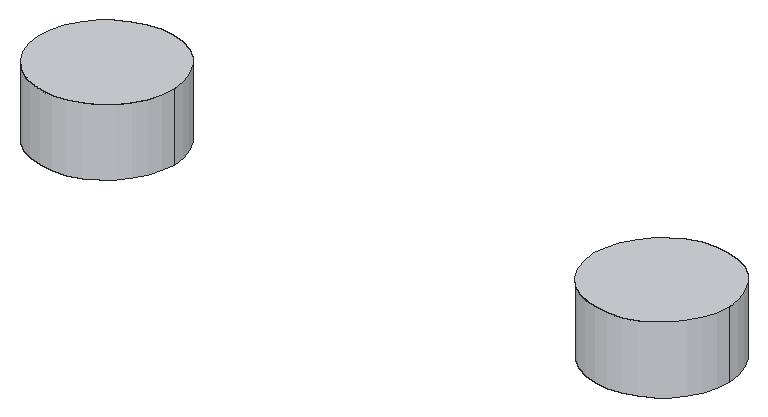
Revit family "E181_S6", category Plumbing Fixtures, Revit 2023
Family settings
  Round Connector Dimension = Use Diameter
  Part Type = Normal
  OmniClass Number = 23.45.55.17
  OmniClass Title = Mixing Faucets
  Work Plane-Based = No
  Enable Cutting in Views = Yes
  Always vertical = Yes
  Cut with Voids When Loaded = No
  Maintain Annotation Orientation = No
  Shared = No
  Room Calculation Point = No
Parameters (values of type "Standard")
  Waste Connection = no
  Vent Connection = no
  URL = "www.fvandina.com"
  Title = "Juego Monocomando para Lavabo SAUCO"
  Teléfono de contacto = "FV Responde 1800 38 38 38"
  Presión = "60 PSI"
  Part Number = "E181/S6"
  Model = "E181/S6"
  Material = "Latón"
  Manufacturer = "FV – ÁREA ANDINA S.A."
  Instalación = "https://fvandina.com/producto/1923-juego-monocomando-para-lavabo-sauco/"
  HW Connection = yes
  Garantía = "GARANTÍA TOTAL FV - DETALLES EN PÁGINA WEB"
  Dirección fabricante = "KM 25, VÍA SANGOLQUÍ AMAGUAÑA - PICHINCHA - ECUADOR"
  Description = "Juego Monocomando para Lavabo SAUCO"
  Default Elevation = 0' - 0"
  Cota largo = "174 mm"
  Cota ancho = "50 mm"
  Cota alto = "154 mm"
  Consumo agua grifería = "8.3 l/min"
  Connector_2_Diameter = 0' - 0.3937"
  Connector_1_Diameter = 0' - 0.3937"
  Conexión hidráulica = "W9/16\" x 19"
  Company = "FV - GRIFERÍA, SANITARIOS, COMPLEMENTOS"
  Certificación = "INEN"
  Catalog web link = "https://fvandina.com/producto/1923-juego-monocomando-para-lavabo-sauco/"
  CW Connection = yes
  Acabado = "Cromo"
Reference planes (in)
  plane 1 "Center (Front/Back)": y = 0
  plane 2: z = 0
  plane 3 "Center (Left/Right)": x = 0
Forms (in)
  Extrusion 1, solid
    sketch origin (-0.49213, 0, 0) x (1, 0, 0) y (0, 1, 0)
      loop
        circle (0, 0) r 0.12
    from 0 to -0.12
  Extrusion 2, solid
    sketch origin (0.49213, 0, 0) x (1, 0, 0) y (0, 1, 0)
      loop
        circle (0, 0) r 0.12
    from 0 to -0.12
Dimensions and locks (in)
  aligned and locked: plane 2 to level
Connectors (in)
  piping at (-0.49213, 0, 0), diameter 0.3937, driven by "Connector_1_Diameter"
    settings: on Extrusion 1, index 1, connector inside diameter 24", connector length 0' - 0", flow factor 0, pipe flow 0 GPM, pressure drop 0.00 psi, fitting loss kfactor 0, connector angle 0.00°, fixture units 0, engagement length 0' - 0", angle of deflection 0.00°, flow configuration 1, flow direction 1, fitting loss method 0, system type 19, joint type 0, gender type 0, connector reference index -1, connector utility 0, adjustable connector no, is connector primary yes, connector description ""
  piping at (0.49213, 0, 0), diameter 0.3937, driven by "Connector_2_Diameter"
    settings: on Extrusion 2, index 2, connector inside diameter 24", connector length 0' - 0", flow factor 0, pipe flow 0 GPM, pressure drop 0.00 psi, fitting loss kfactor 0, connector angle 0.00°, fixture units 0, engagement length 0' - 0", angle of deflection 0.00°, flow configuration 1, flow direction 1, fitting loss method 0, system type 20, joint type 0, gender type 0, connector reference index -1, connector utility 0, adjustable connector no, is connector primary no, connector description ""
